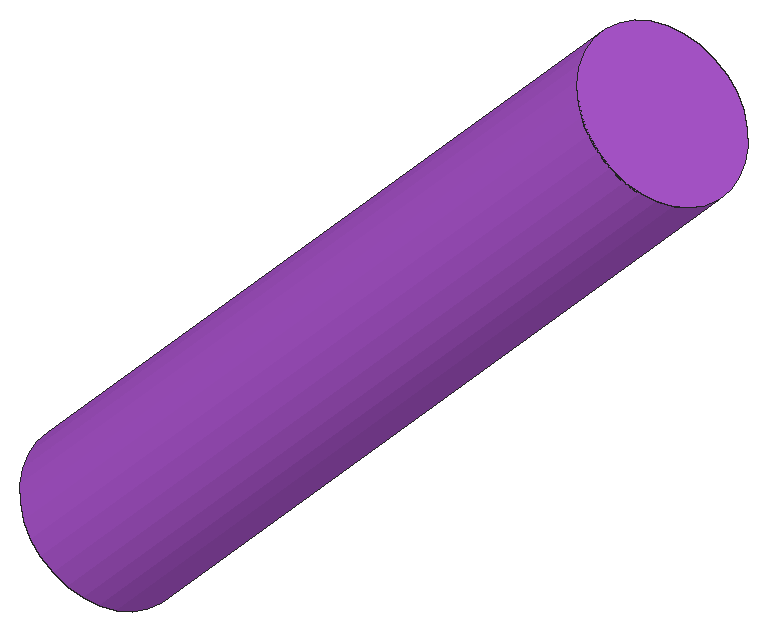
Revit family "ケーブルトレイサポート_鋼管（STK）", category Generic Models, Revit 2023
Family settings
  Can host rebar = No
  Round Connector Dimension = Use Diameter
  Part Type = Normal
  Work Plane-Based = Yes
  Always vertical = No
  Cut with Voids When Loaded = No
  Maintain Annotation Orientation = No
  Shared = No
  Room Calculation Point = No
Parameters (values of type "STK 101.6mm")
  長辺 [instance] = 長さ  # 500 mm
  長さ [instance] = 500 mm
  部屋名 = ""
  角度 [instance] = 45.00°
  直径 = 101.6 mm
  Default Elevation = 1219.2 mm
  構造マテリアル = E304_ケーブルトレイサポート
  半径 = 直径 / 2  # 50.8 mm
Types (29, lengths in mm): name | 直径 | 半径
  STK 101.6mm | 101.6 | 50.8
  STK 1016.0mm | 1016 | 508
  STK 114.3mm | 114.3 | 57.15
  STK 139.8mm | 139.8 | 69.9
  STK 165.2mm | 165.2 | 82.6
  STK 190.7mm | 190.7 | 95.35
  STK 21.7mm | 21.7 | 10.85
  STK 216.3mm | 216.3 | 108.15
  STK 267.4mm | 267.4 | 133.7
  STK 27.2mm | 27.2 | 13.6
  STK 318.5mm | 318.5 | 159.25
  STK 34.0mm | 34 | 17
  STK 355.6mm | 355.6 | 177.8
  STK 406.4mm | 406.4 | 203.2
  STK 42.7mm | 42.7 | 21.35
  STK 457.2mm | 457.2 | 228.6
  STK 48.6mm | 48.6 | 24.3
  STK 500.0mm | 500 | 250
  STK 508.0mm | 508 | 254
  STK 558.8mm | 558.8 | 279.4
  STK 60.5mm | 60.5 | 30.25
  STK 600.0mm | 600 | 300
  STK 609.6mm | 609.6 | 304.8
  STK 700.0mm | 700 | 350
  STK 711.2mm | 711.2 | 355.6
  STK 76.3mm | 76.3 | 38.15
  STK 812.8mm | 812.8 | 406.4
  STK 89.1mm | 89.1 | 44.55
  STK 914.4mm | 914.4 | 457.2
Reference planes
  plane 1 "中心(正面/背面)": y = 0
  plane 2: z = 0
  plane 3 "中心(左/右)": x = 0
Lines and regions (mm)
  reference lines
    curve 1: line (0, 0, 0) -> (848.528, 0, 848.528)
    curve 2: line (35.921, 0, -35.921) -> (-35.921, 0, 35.921)
    curve 3: line (389.474, 0, 317.632) -> (317.632, 0, 389.474)
Dimensions and locks
  equal spacing: curve 2, curve 1, curve 2
  "直径": curve 2 to curve 2
  equal spacing: curve 3, curve 1, curve 3
  "直径": curve 3 to curve 3
  "長さ": curve 3 to curve 2
  "角度": angle level to curve 1
  angle curve 2 to curve 1 = 90.00°
  angle curve 3 to curve 1 = 90.00°
  aligned and locked: level to plane 2
  aligned and locked: level to curve 1
  aligned and locked: plane 3 "中心(左/右)" to curve 1
  aligned and locked: nested 1 to curve 1
Nested families
  nested 1: "グレーチング_鋼管（STK）" at (0, 0, 0) x (0.7071, 0, -0.7071) z (0, -1, 0), 長さ <- "長さ", type "STK 21.7mm"
    with 長辺 500 mm, 長さ 500 mm, 直径 101.6 mm, 半径 50.8 mm
Definition of nested family "グレーチング_鋼管（STK）"
  Parameters (values of type "STK 165.2mm")
    長辺 [instance] = 長さ  # 1000 mm
    長さ [instance] = 1000 mm
    直径 = 165.2 mm
    Default Elevation = 1219.2 mm
    構造マテリアル = none
    半径 = 直径 / 2  # 82.6 mm
  Types (29, lengths in mm): name | 直径 | 半径
    STK 21.7mm | 21.7 | 10.85
    STK 27.2mm | 27.2 | 13.6
    STK 34.0mm | 34 | 17
    STK 42.7mm | 42.7 | 21.35
    STK 48.6mm | 48.6 | 24.3
    STK 60.5mm | 60.5 | 30.25
    STK 76.3mm | 76.3 | 38.15
    STK 89.1mm | 89.1 | 44.55
    STK 101.6mm | 101.6 | 50.8
    STK 114.3mm | 114.3 | 57.15
    STK 139.8mm | 139.8 | 69.9
    STK 165.2mm | 165.2 | 82.6
    STK 190.7mm | 190.7 | 95.35
    STK 216.3mm | 216.3 | 108.15
    STK 267.4mm | 267.4 | 133.7
    STK 318.5mm | 318.5 | 159.25
    STK 355.6mm | 355.6 | 177.8
    STK 406.4mm | 406.4 | 203.2
    STK 457.2mm | 457.2 | 228.6
    STK 500.0mm | 500 | 250
    STK 508.0mm | 508 | 254
    STK 558.8mm | 508 | 254
    STK 600.0mm | 600 | 300
    STK 609.6mm | 609.6 | 304.8
    STK 700.0mm | 700 | 350
    STK 711.2mm | 711.2 | 355.6
    STK 812.8mm | 812.8 | 406.4
    STK 914.4mm | 914.4 | 457.2
    STK 1016.0mm | 1016 | 508
  Reference planes
    plane 1 "中心(正面/背面)": y = 0
    plane 2: z = 0
    plane 3 "中心(左/右)": x = 0
  Forms (mm)
    Extrusion 1, solid, material <- "構造マテリアル"
      sketch origin (0, 0, 0) x (1, 0, 0) y (0, 0, 1)
        loop
          circle (0, 0) r 82.6
      from -1000 to 0
  Lines and regions (mm)
    reference lines
      curve 1: line (82.6, 1000, 0) -> (-82.6, 1000, 0)
      curve 2: line (82.6, 0, 0) -> (-82.6, 0, 0)
  Dimensions and locks
    "長さ": curve 1 to curve 2
    "直径": curve 1 to curve 1
    equal spacing: curve 1, plane 3 "中心(左/右)", curve 1
    "直径": curve 2 to curve 2
    equal spacing: curve 2, plane 3 "中心(左/右)", curve 2
    "半径": radius of Extrusion 1 sketch curve
    aligned and locked: level to plane 2
    aligned and locked: Extrusion 1 to curve 1
    aligned and locked: Extrusion 1 to curve 2
  Automatic sketch dimensions
    Extrusion 1 sketch curve to level = 0 mm
    Extrusion 1 sketch curve to plane 3 "中心(左/右)" = 0 mm
    plane 1 "中心(正面/背面)" to curve 2 = 0 mm
